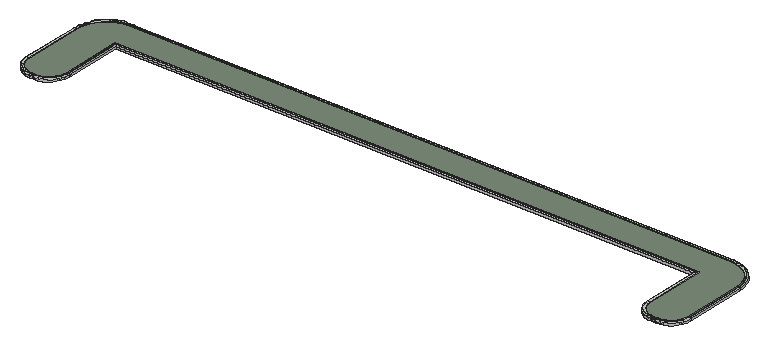
Revit family
Parameters (values of type "15개 공간")
  주차장 깊이 = 4800 mm
  주차 폭 [instance] = 36000 mm
Types (3, lengths in mm): name | 주차 폭
  (no name) | 36000
  15개 공간 | 36000
  20개 공간 | 48000
Reference planes
  plane 1: z = 0
  plane 2 "중심(왼쪽/오른쪽)": x = -1955.8
  plane 3: x = -42731
  plane 4: y = -6223
  plane 5: y = -1423
  plane 6: x = -40343.4
  plane 7: x = -4343.4
  plane 8: y = 405.8
  plane 9: x = -40191
  plane 10: x = -42883.4
  plane 11: y = 558.2
  plane 12: y = -1575.4
  plane 13: x = -1803.4
  plane 14: x = -4495.8
  plane 15: y = -6375.4
Forms (mm)
  Sweep 1, solid, material "콘크리트 - 현장타설 콘크리트"
    path origin (0, 0, 0) x (1, 0, 0) y (0, 1, 0)
      loop
        arc (-4495.8, -5156.2) -> (-4138.705, -6018.305) -> (-3276.6, -6375.4) r 1219.2
        line (-3276.6, -6375.4) -> (-3022.6, -6375.4)
        arc (-3022.6, -6375.4) -> (-2160.495, -6018.305) -> (-1803.4, -5156.2) r 1219.2
        line (-1803.4, -5156.2) -> (-1803.4, -1423)
        arc (-1803.4, -1423) -> (-2383.68, -22.08) -> (-3784.6, 558.2) r 1981.2
        line (-3784.6, 558.2) -> (-40902.2, 558.2)
        arc (-40902.2, 558.2) -> (-42303.12, -22.08) -> (-42883.4, -1423) r 1981.2
        line (-42883.4, -1423) -> (-42883.4, -5156.2)
        arc (-42883.4, -5156.2) -> (-42526.305, -6018.305) -> (-41664.2, -6375.4) r 1219.2
        line (-41664.2, -6375.4) -> (-41410.2, -6375.4)
        arc (-41410.2, -6375.4) -> (-40548.095, -6018.305) -> (-40191, -5156.2) r 1219.2
        line (-40191, -5156.2) -> (-40191, -1575.4) -> (-4495.8, -1575.4) -> (-4495.8, -5156.2)
    profile origin (0, -3365.8, 0) x (-1, 0, 0) y (0, 0, 1)
      loop
        line (4495.8, 0) -> (4495.8, 127)
        arc (4495.8, 127) -> (4480.921, 162.921) -> (4445, 177.8) r 50.8
        line (4445, 177.8) -> (4318, 177.8) -> (4318, 0) -> (4495.8, 0)
  Extrusion 2, solid, material "대지 - 잔디"
    sketch origin (0, 0, 0) x (1, 0, 0) y (0, 1, 0)
      loop
        line (-1955.8, -5181.6) -> (-1955.8, -1423)
        arc (-1955.8, -1423) -> (-2491.443, -129.843) -> (-3784.6, 405.8) r 1828.8
        line (-3784.6, 405.8) -> (-40902.2, 405.8)
        arc (-40902.2, 405.8) -> (-42195.357, -129.843) -> (-42731, -1423) r 1828.8
        line (-42731, -1423) -> (-42731, -5181.6)
        arc (-42731, -5181.6) -> (-42425.981, -5917.981) -> (-41689.6, -6223) r 1041.4
        line (-41689.6, -6223) -> (-41384.8, -6223)
        arc (-41384.8, -6223) -> (-40648.419, -5917.981) -> (-40343.4, -5181.6) r 1041.4
        line (-40343.4, -5181.6) -> (-40343.4, -1423) -> (-4343.4, -1423) -> (-4343.4, -5181.6)
        arc (-4343.4, -5181.6) -> (-4038.381, -5917.981) -> (-3302, -6223) r 1041.4
        line (-3302, -6223) -> (-2997.2, -6223)
        arc (-2997.2, -6223) -> (-2260.819, -5917.981) -> (-1955.8, -5181.6) r 1041.4
    from 0 to 177.8
Lines and regions (mm)
  symbolic lines, style "주차장"
    curve 1: line (-42731, -1423, 0) -> (-42731, -5181.655, 0)
    curve 2: line (-40343.4, -5181.655, 0) -> (-40343.4, -1423, 0)
    curve 3: line (-40343.4, -1423, 0) -> (-4343.4, -1423, 0)
    curve 4: line (-3784.6, 405.8, 0) -> (-40902.2, 405.8, 0)
    curve 5: line (-4343.4, -1423, 0) -> (-4343.4, -5181.6, 0)
    curve 6: arc (-4343.4, -5181.6, 0) -> (-4038.381, -5917.981, 0) -> (-3302, -6223, 0) r 1041.4
    curve 7: line (-3302, -6223, 0) -> (-2997.2, -6223, 0)
    curve 8: arc (-2997.2, -6223, 0) -> (-2260.819, -5917.981, 0) -> (-1955.8, -5181.6, 0) r 1041.4
    curve 9: line (-1955.8, -5181.6, 0) -> (-1955.8, -1423, 0)
    curve 10: line (-40343.4, -1423, 0) -> (-40343.4, -5181.655, 0)
    curve 11: arc (-1955.8, -1423, 0) -> (-2491.443, -129.843, 0) -> (-3784.6, 405.8, 0) r 1828.8
    curve 12: arc (-40902.2, 405.8, 0) -> (-42195.357, -129.843, 0) -> (-42731, -1423, 0) r 1828.8
    curve 13: arc (-40343.4, -5181.655, 0) -> (-40648.419, -5918.036, 0) -> (-41384.8, -6223.055, 0) r 1041.4
    curve 14: line (-41384.8, -6223.055, 0) -> (-41689.6, -6223.055, 0)
    curve 15: arc (-41689.6, -6223.055, 0) -> (-42425.981, -5918.036, 0) -> (-42731, -5181.655, 0) r 1041.4
Dimensions and locks
  plane 3 to plane 6 = 2387.6 mm
  plane 7 to plane 2 "중심(왼쪽/오른쪽)" = 2387.6 mm
  "주차 폭": plane 6 to plane 7
  locked: plane 8 to plane 11 at 152.4
  locked: plane 5 to plane 12 at 152.4
  locked: plane 6 to plane 9 at 152.4
  locked: plane 10 to plane 3 at 152.4
  locked: plane 14 to plane 7 at 152.4
  locked: plane 2 "중심(왼쪽/오른쪽)" to plane 13 at 152.4
  locked: plane 4 to plane 15 at 152.4
  plane 5 to plane 8 = 1828.8 mm
  "주차장 깊이": plane 5 to plane 4
  aligned and locked: Extrusion 2 sketch curve to plane 8
  aligned and locked: plane 6 to Extrusion 2 sketch curve
  aligned and locked: Extrusion 2 sketch curve to plane 3
  aligned and locked: Extrusion 2 sketch curve to plane 2 "중심(왼쪽/오른쪽)"
  aligned and locked: plane 9 to Sweep 1 sketch curve
  aligned and locked: plane 10 to Sweep 1 sketch curve
  aligned and locked: Sweep 1 sketch curve to plane 11
  aligned and locked: plane 12 to Sweep 1 sketch curve
  aligned and locked: plane 15 to Sweep 1 sketch curve
  aligned and locked: Sweep 1 sketch curve to plane 14
  aligned and locked: curve 9 to plane 2 "중심(왼쪽/오른쪽)"
  aligned and locked: plane 4 to curve 7
  aligned and locked: plane 7 to curve 5
  aligned and locked: curve 4 to plane 8
  aligned and locked: plane 6 to curve 10
  aligned and locked: plane 3 to curve 1
  aligned and locked: Extrusion 2 sketch curve to curve 5
Automatic sketch dimensions
  Sweep 1 sketch curve to level = 0 mm
  Sweep 1 sketch curve to profile plane = 0 mm
  profile plane to Sweep 1 sketch curve = 50.8 mm
  Sweep 1 sketch curve to Sweep 1 sketch curve = 127 mm  (x2)
  Sweep 1 sketch curve to plane 5 = 0 mm
  Sweep 1 sketch curve to plane 15 = 0 mm
  Sweep 1 sketch curve to plane 13 = 0 mm
  Sweep 1 sketch curve to plane 3 = 1066.8 mm
  Sweep 1 sketch curve to Sweep 1 sketch curve = 254 mm  (x2)
  Sweep 1 sketch curve to plane 2 "중심(왼쪽/오른쪽)" = 1828.8 mm
  Sweep 1 sketch curve to plane 2 "중심(왼쪽/오른쪽)" = 1320.8 mm
  Extrusion 2 sketch curve to plane 4 = 0 mm  (x2)
  Extrusion 2 sketch curve to plane 5 = 0 mm  (x3)
  Extrusion 2 sketch curve to plane 3 = 1041.4 mm
  Extrusion 2 sketch curve to Extrusion 2 sketch curve = 304.8 mm  (x2)
  Extrusion 2 sketch curve to plane 2 "중심(왼쪽/오른쪽)" = 1346.2 mm
  curve 12 to plane 5 = 0 mm
  curve 11 to plane 5 = 0 mm
  curve 10 to plane 5 = 0 mm
  curve 15 to curve 2 = 1346.2 mm
  curve 7 to plane 2 "중심(왼쪽/오른쪽)" = 1346.2 mm
  curve 6 to curve 8 = 304.8 mm
  curve 14 to plane 4 = 0.055 mm
  curve 14 to curve 14 = 304.8 mm
